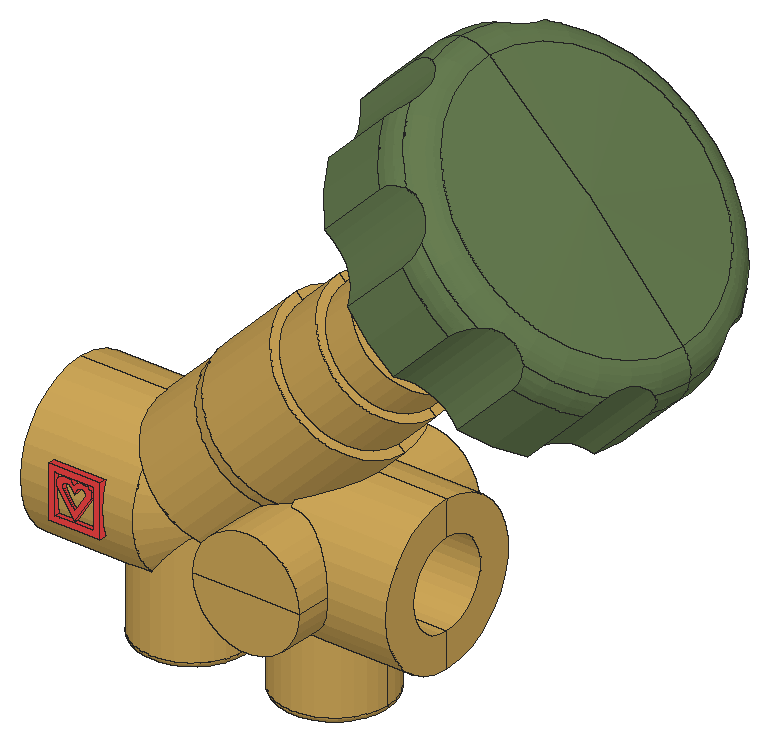
Revit family "Запорный клапан Strömax 4125 AWD", category Rohrzubehör, Revit 2019
Family settings
  Bemaßung runder Anschluss = Durchmesser verwenden
  Teiletyp = Unterbricht
  OmniClass-Nummer = 23.65.55.14
  OmniClass-Titel = Valves for Liquid Services
  Arbeitsebenenbasiert = Nein
  Immer vertikal = Ja
  Beim Laden mit Abzugskörper schneiden = Nein
  Gemeinsam genutzt = Nein
Parameters
  Шпиндель = "Латунь CW617N"  # constant formula
  Уплотнение = "EPDM"  # constant formula
  Примечание = "В соответствии со статьей 33 Регламента REACH (Registration; Evaluation; Authorisation; Restriction of Chemicals) (EC № 1907/2006) мы обязаны указать, что свинец внесен в список SVHC (Substances of Very High Concern - вещества очень высокой важности) и весовой процент свинца во всех латунных компонентах заводского изготовления в наших изделиях, превышает 0,1 % (w/w) (CAS: 7439-92-1 / EINECS: 231-100-4).\r\nПоскольку свинец является легирующим компонентом сплава, прямое негативное влияние исключается, и поэтому дополнительной информации о безопасном использовании не требуется."
  Область применения = "Для перекрытия трубопроводов в системе питьевого водоснабжения в зданиях."
  Номер заказа [instance] = size_lookup("4125AWD_", "Artnr", 0, Nennweite)  # 2412571
  Маховик = "пластик, цвет маховика - зеленый"  # constant formula
  Макс. рабочее давление = 2000000.0 Pa  # constant formula
  Макс. рабочая температура = 80 °C  # constant formula
  Корпус = "литая латунь, устойчивая к селективной цинковой коррозии, CC770S"  # constant formula
  Конус = "латунь, устойчивая к селективной цинковой коррозии, CW626N"  # constant formula
  Букса = "латунь, устойчивая к селективной цинковой коррозии, CW626N"  # constant formula
  W01 = 45.00°  # constant formula
  URL = "www.herz-armaturen.ru"
  Технически возможная область применения = " "  # constant formula
  SW01 = 60.00°  # constant formula
  SC_NennweiteBerechnet = 0
  SC_Dimension = ""
  SCTWSEQ = "FW;SBT_TYP_FW=\"109\";2"
  SCTWCODE = "04;00;02"  # constant formula
  S03 = 60.000 mm  # constant formula
  S02 [instance] = L06 + L09 + L12 + L15  # 77.900 mm
  S01 [instance] = R01 * 2  # 27.000 mm
  R12 [instance] = R01 - 1.000 mm  # 12.500 mm
  R11 [instance] = size_lookup("4125AWD_", "R11", 46.500 mm, Nennweite)  # 5.100 mm
  R100 = 1.000 mm  # constant formula
  R10 [instance] = size_lookup("4125AWD_", "R10", 46.500 mm, Nennweite)  # 8.000 mm
  R09 [instance] = size_lookup("4125AWD_", "R9", 46.500 mm, Nennweite)  # 10.500 mm
  R08 [instance] = size_lookup("4125AWD_", "R8", 46.500 mm, Nennweite)  # 12.000 mm
  R07 [instance] = size_lookup("4125AWD_", "R7", 46.500 mm, Nennweite)  # 13.500 mm
  R06 [instance] = size_lookup("4125AWD_", "R6", 43.000 mm, Nennweite)  # 13.000 mm
  R05 [instance] = Nennweite / 2  # 7.500 mm
  R04 [instance] = size_lookup("4125AWD_", "R4", 11.500 mm, Nennweite)  # 9.500 mm
  R03 = 9.500 mm  # constant formula
  R02 [instance] = Nennweite / 2  # 7.500 mm
  R01 [instance] = size_lookup("4125AWD_", "R1", 11.500 mm, Nennweite)  # 13.500 mm
  Nennweite [instance] = 15.000 mm
  Мин. расход при Dp 10 кПа [instance] = if(Nennweite = 15.000 mm, 0.5 L/s, if(Nennweite = 20.000 mm, 1.0 L/s, if(Nennweite = 25.000 mm, 1.75 L/s, if(Nennweite = 32.000 mm, 3.0 L/s, if(Nennweite = 40.000 mm, 4.0 L/s, if(Nennweite = 50.000 mm, 6.75 L/s, if(Nennweite = 65.000 mm, 11.0 L/s, if(Nennweite = 80.000 mm, 16.0 L/s, 0.0 L/s))))))))  # 0.5 L/s
  Среда = "Питьевая вода"  # constant formula
  Макс. рабочая температура (в рамках ÖVGW-сертификации) = 65 °C  # constant formula
  Макс. перепад давления на закрытом седле = 1000000.0 Pa  # constant formula
  Макс. рабочее давление (в рамках ÖVGW-сертификации) = 1000000.0 Pa  # constant formula
  L16 [instance] = L01 / 2  # 10.000 mm
  L15 [instance] = size_lookup("4125AWD_", "L15", 12.400 mm, Nennweite)  # 12.400 mm
  L14 [instance] = size_lookup("4125AWD_", "L14", 81.000 mm, Nennweite)  # 6.000 mm
  L12 [instance] = size_lookup("4125AWD_", "L12", 81.000 mm, Nennweite)  # 26.000 mm
  L11 [instance] = size_lookup("4125AWD_", "L11", 60.000 mm, Nennweite)  # 6.700 mm
  L10 [instance] = size_lookup("4125AWD_", "L10", 20.000 mm, Nennweite)  # 9.300 mm
  L09 [instance] = size_lookup("4125AWD_", "L9", 11.000 mm, Nennweite)  # 17.000 mm
  L08 [instance] = size_lookup("4125AWD_", "L8", 35.000 mm, Nennweite)  # 20.000 mm
  L07 [instance] = size_lookup("4125AWD_", "L7", 35.000 mm, Nennweite)  # 12.500 mm
  L06 [instance] = size_lookup("4125AWD_", "L6", 118.000 mm, Nennweite) - L09  # 22.500 mm
  L05 [instance] = size_lookup("4125AWD_", "L5", 44.000 mm, Nennweite)  # 20.500 mm
  L04 [instance] = size_lookup("4125AWD_", "L4", 45.000 mm, Nennweite)  # 19.500 mm
  L03 = 15.000 mm  # constant formula
  L02 [instance] = size_lookup("4125AWD_", "L2", 22.000 mm, Nennweite)  # 6.000 mm
  L01 [instance] = size_lookup("4125AWD_", "L1", 48.000 mm, Nennweite)  # 20.000 mm
  L00 [instance] = size_lookup("4125AWD_", "L", 180.000 mm, Nennweite)  # 65.000 mm
  Hersteller = "HERZ Armaturen Ges.m.b.H."  # constant formula
  H01 [instance] = size_lookup("4125AWD_", "H1", 53.000 mm, Nennweite)  # 24.000 mm
  Незапланированные повышения температуры = "до  95 °C, продолжительностью не более 1 часа"  # constant formula
  DN80 [instance] = Nennweite = 80.000 mm  # no
  DN65 [instance] = Nennweite = 65.000 mm  # no
  DN50 [instance] = Nennweite = 50.000 mm  # no
  DN40 [instance] = Nennweite = 40.000 mm  # no
  DN32 [instance] = Nennweite = 32.000 mm  # no
  DN25 [instance] = Nennweite = 25.000 mm  # no
  DN20 [instance] = Nennweite = 20.000 mm  # no
  DN15 [instance] = Nennweite = 15.000 mm  # yes
Reference planes
  plane 1 "Mitte (Vorne/hinten)": y = 0
  plane 2: z = 0
  plane 3 "Mitte (Links/rechts)": x = 0
Forms (mm)
  Revolve 1, solid, material "Messing, weicher Gelbton, geschweißt", detail levels fine
    sketch origin (470, 0, 0) x (1, 0, 0) y (0, 0, 1)
      loop
        line (-502.5, 7.5) -> (-487.5, 7.5) -> (-487.5, 0) -> (-452.5, 0) -> (-452.5, 7.5) -> (-437.5, 7.5) -> (-437.5, 13.5) -> (-457.5, 13.5) -> (-464, 7.5) -> (-476, 7.5) -> (-482.5, 13.5) -> (-502.5, 13.5) -> (-502.5, 7.5)
      axis (-502.5, 0) -> (-437.5, 0)
    angle from 0 to 360
  Revolve 2, solid, material "Messing, weicher Gelbton, geschweißt", detail levels fine
    sketch origin (470, 0, 0) x (1, 0, 0) y (0, 0, 1)
      loop
        line (-492, 0) -> (-492, -23)
        arc (-492, -23) -> (-491.707, -23.707) -> (-491, -24) r 1
        line (-491, -24) -> (-482.5, -24) -> (-482.5, 0) -> (-492, 0)
      axis (-482.5, 0) -> (-482.5, -24)
    angle from 0 to 360
  Revolve 3, solid, material "Messing, weicher Gelbton, geschweißt", detail levels fine
    sketch origin (0, 0, 0) x (1, 0, 0) y (0, 1, 0)
      loop
        line (12.5, -19.5) -> (22, -19.5) -> (22, 20.5) -> (12.5, 20.5) -> (12.5, -19.5)
      axis (12.5, -19.5) -> (12.5, 20.5)
    angle from 0 to 360
  Revolve 4, solid, material "Messing, weicher Gelbton, geschweißt", detail levels fine
    sketch origin (-470, 0, 0) x (-1, 0, 0) y (0, 0, 1)
      loop
        line (-492, 0) -> (-492, -23)
        arc (-492, -23) -> (-491.707, -23.707) -> (-491, -24) r 1
        line (-491, -24) -> (-482.5, -24) -> (-482.5, 0) -> (-492, 0)
      axis (-482.5, 0) -> (-482.5, -24)
    angle from 0 to 360
  Revolve 5, solid, material "Messing, weicher Gelbton, geschweißt", detail levels fine
    sketch origin (0.32, 0, -0.105) x (1, 0, 0) y (0, 0, 1)
      loop
        line (-12.82, 0) -> (42.264, 55.084) -> (38.657, 58.69) -> (29.889, 49.922) -> (27.839, 51.972) -> (20.767, 44.901) -> (19, 46.669) -> (14.262, 41.931) -> (13.201, 42.992) -> (6.625, 36.416) -> (5.565, 37.477) -> (-6.456, 25.456) -> (-7.87, 23.335) -> (-17.77, 13.435) -> (-18.123, 5.303) -> (-12.82, 0)
      axis (-12.82, 0) -> (42.264, 55.084)
    angle from 0 to 360
Lines and regions (mm)
  model lines, detail levels coarse+medium
    curve 1: line (-32.5, 0, 13.5) -> (-32.5, 0, -13.5)
    curve 2: line (-32.5, 0, -13.5) -> (32.5, 0, 13.5)
    curve 3: line (32.5, 0, 13.5) -> (32.5, 0, -13.5)
    curve 4: line (32.5, 0, -13.5) -> (-32.5, 0, 13.5)
    curve 5: line (0, 0, 0) -> (38.95, 0, 67.463)
    curve 6: line (12.969, 0, 82.463) -> (64.931, 0, 52.463)
    curve 7: line (-32.5, -13.5, 0) -> (-32.5, 13.5, 0)
    curve 8: line (-32.5, 13.5, 0) -> (32.5, -13.5, 0)
    curve 9: line (32.5, -13.5, 0) -> (32.5, 13.5, 0)
    curve 10: line (32.5, 13.5, 0) -> (-32.5, -13.5, 0)
    curve 11: line (0, 0, 0) -> (38.95, 67.463, 0)
    curve 12: line (12.969, 82.463, 0) -> (64.931, 52.463, 0)
Dimensions and locks
  "H01": plane 2 to Revolve 2 sketch curve
  "L00": Revolve 1 sketch curve to Revolve 1 sketch curve
  equal spacing: Revolve 1 sketch curve, plane 3 "Mitte (Links/rechts)", Revolve 1 sketch curve
  "R01": Revolve 1 sketch curve to Revolve 1 sketch curve  (x2)
  "R02": Revolve 1 sketch curve to Revolve 1 sketch curve  (x3)
  "L01": Revolve 1 sketch curve to Revolve 1 sketch curve  (x2)
  "L02": plane 3 "Mitte (Links/rechts)" to Revolve 1 sketch curve
  "L02": Revolve 1 sketch curve to plane 3 "Mitte (Links/rechts)"
  "L03": Revolve 1 sketch curve to Revolve 1 sketch curve  (x2)
  "L01": Revolve 1 to Revolve 2 sketch curve
  "R03": Revolve 2 sketch curve to Revolve 2 sketch curve
  "L01": Revolve 4 sketch curve to Revolve 1
  "R03": Revolve 4 sketch curve to Revolve 4 sketch curve
  "H01": plane 2 to Revolve 4 sketch curve
  "L04": Revolve 3 sketch curve to plane 1 "Mitte (Vorne/hinten)"
  "L05": plane 1 "Mitte (Vorne/hinten)" to Revolve 3 sketch curve
  "R04": Revolve 3 sketch curve to Revolve 3 sketch curve
  "L01": Revolve 3 sketch curve to Revolve 1
  "R07": Revolve 5 sketch curve to Revolve 5 sketch curve
  "L07": plane 3 "Mitte (Links/rechts)" to Revolve 5 sketch curve
  "R05": Revolve 5 sketch curve to Revolve 5 sketch curve
  "L06": Revolve 5 sketch curve to Revolve 5 sketch curve
  "L08": Revolve 5 sketch curve to Revolve 5 sketch curve
  "R06": Revolve 5 sketch curve to Revolve 5 sketch curve
  "L14": Revolve 5 sketch curve to Revolve 5 sketch curve
  "L09": Revolve 5 sketch curve to Revolve 5 sketch curve
  "R08": Revolve 5 sketch curve to Revolve 5 sketch curve
  "L10": Revolve 5 sketch curve to Revolve 5 sketch curve
  "R09": Revolve 5 sketch curve to Revolve 5 sketch curve
  "R10": Revolve 5 sketch curve to Revolve 5 sketch curve
  "L12": Revolve 5 sketch curve to Revolve 5 sketch curve
  "R11": Revolve 5 sketch curve to Revolve 5 sketch curve
  "L15": Revolve 5 sketch curve to Revolve 5 sketch curve
  "L11": Revolve 5 sketch curve to Revolve 5 sketch curve
  "R12": nested 9 to plane 1 "Mitte (Vorne/hinten)"
  "L16": Revolve 1 to nested 9
  equal spacing: curve 1, plane 3 "Mitte (Links/rechts)", curve 3
  "L00": curve 1 to curve 3
  equal spacing: curve 4, plane 2, curve 2
  "S01": curve 4 to curve 1
  "S01": curve 3 to curve 4
  equal spacing: curve 3, plane 2, curve 4
  "S02": curve 5 to curve 5
  equal spacing: curve 6, curve 5, curve 6
  "S03": curve 6 to curve 6
  equal spacing: curve 7, plane 3 "Mitte (Links/rechts)", curve 9
  "L00": curve 7 to curve 9
  equal spacing: curve 10, plane 1 "Mitte (Vorne/hinten)", curve 8
  "S01": curve 8 to curve 10
  equal spacing: curve 9, plane 1 "Mitte (Vorne/hinten)", curve 10
  "S01": curve 10 to curve 9
  "S02": curve 11 to curve 11
  equal spacing: curve 12, curve 11, curve 12
  "S03": curve 12 to curve 12
  "R100": radius of Revolve 2 sketch curve
  "R100": radius of Revolve 4 sketch curve
  "W01": angle plane 2 to Revolve 5 sketch curve
  "W01": angle level to Revolve 5 sketch curve
  "SW01": angle plane 2 to curve 5
  "SW01": angle plane 1 "Mitte (Vorne/hinten)" to curve 11
  aligned and locked: level to plane 2
Automatic sketch dimensions
  curve 5 to level = 0.000 mm
  plane 1 "Mitte (Vorne/hinten)" to curve 11 = 0.000 mm
  Revolve 1 sketch curve to level = 0.000 mm  (x2)
  Revolve 1 sketch curve to Revolve 1 sketch curve = 791.990 mm
  Revolve 1 sketch curve to Revolve 1 sketch curve = 2278.983 mm
  Revolve 2 sketch curve to level = 0.000 mm  (x2)
  Revolve 2 sketch curve to Revolve 2 sketch curve = 0.000 mm
  Revolve 2 sketch curve to Revolve 2 sketch curve = 0.292 mm
  Revolve 3 sketch curve to Revolve 3 sketch curve = 0.000 mm  (x3)
  Revolve 4 sketch curve to level = 0.000 mm  (x2)
  Revolve 4 sketch curve to Revolve 4 sketch curve = 0.000 mm
  Revolve 4 sketch curve to Revolve 4 sketch curve = 0.292 mm
  Revolve 5 sketch curve to level = 0.105 mm
  Revolve 5 sketch curve to Revolve 5 sketch curve = 0.000 mm  (x2)
Nested families
  nested 1: "Strömax-Handrad_Schrägsitz (Grün)" at (42.584, 0, 54.979), visible <- "DN15", type "Strömax-Handrad_Schrägsitz (Grün)", detail levels fine
    with Nennweite 0.000 mm, Gewicht 0.00 kg, Bestellnummer 0
  nested 2: "Strömax-Handrad_Schrägsitz (Grün)" at (54.312, 0, 67.707), visible <- "DN20", type "Strömax-Handrad_Schrägsitz (Grün)", detail levels fine
    with Nennweite 0.000 mm, Gewicht 0.00 kg, Bestellnummer 0
  nested 3: "Strömax-Handrad_Schrägsitz (Grün)" at (62.469, 0, 80.364), visible <- "DN25", type "Strömax-Handrad_Schrägsitz (Grün)", detail levels fine
    with Nennweite 0.000 mm, Gewicht 0.00 kg, Bestellnummer 0
  nested 4: "Strömax-Handrad_Schrägsitz (Grün)" at (71.712, 0, 91.607), visible <- "DN32", type "Strömax-Handrad_Schrägsitz (Grün)", detail levels fine
    with Nennweite 0.000 mm, Gewicht 0.00 kg, Bestellnummer 0
  nested 5: "Strömax-Handrad_Schrägsitz (Grün)" at (80.399, 0, 101.294), visible <- "DN40", type "Strömax-Handrad_Schrägsitz (Grün)", detail levels fine
    with Nennweite 0.000 mm, Gewicht 0.00 kg, Bestellnummer 0
  nested 6: "Strömax-Handrad_Schrägsitz (Grün)" at (97.83, 0, 129.225), visible <- "DN50", type "Strömax-Handrad_Schrägsitz (Grün)", detail levels fine
    with Nennweite 0.000 mm, Gewicht 0.00 kg, Bestellnummer 0
  nested 7: "Strömax-Handrad_Schrägsitz (Grün)" at (114.482, 0, 149.378), visible <- "DN65", type "Strömax-Handrad_Schrägsitz (Grün)", detail levels fine
    with Nennweite 0.000 mm, Gewicht 0.00 kg, Bestellnummer 0
  nested 8: "Strömax-Handrad_Schrägsitz (Grün)" at (140.423, 0, 183.319), visible <- "DN80", type "Strömax-Handrad_Schrägsitz (Grün)", detail levels fine
    with Nennweite 0.000 mm, Gewicht 0.00 kg, Bestellnummer 0
  nested 9: "Herz-Logo-vorne" at (-22.5, -13.232, 0) x (0, 1, 0) z (0, 0, 1), type "Herz-Logo-vorne", detail levels fine
Connectors
  piping at (-17.5, 0, 0), diameter 15, driven by "Nennweite"
    settings: on Revolve 1, index 1, connector inside diameter 609.6 mm, connector length 0.000 mm, flow factor 0, pipe flow 0.0 L/s, pressure drop 0.0 Pa, fitting loss kfactor 0, connector angle 0.00°, fixture units 0, engagement length 0.000 mm, angle of deflection 0.00°, flow configuration 0, flow direction 1, fitting loss method 0, system type 29, joint type 0, gender type 0, connector reference index -1, connector utility 0, adjustable connector no, is connector primary yes, connector description ""
  piping at (17.5, 0, 0), diameter 15, driven by "Nennweite"
    settings: on Revolve 1, index 2, connector inside diameter 609.6 mm, connector length 0.000 mm, flow factor 0, pipe flow 0.0 L/s, pressure drop 0.0 Pa, fitting loss kfactor 0, connector angle 0.00°, fixture units 0, engagement length 0.000 mm, angle of deflection 0.00°, flow configuration 0, flow direction 2, fitting loss method 0, system type 29, joint type 0, gender type 0, connector reference index -1, connector utility 0, adjustable connector no, is connector primary no, connector description ""
Definition of nested family "Strömax-Handrad_Schrägsitz (Grün)"
  Parameters (values of type "Strömax-Handrad_Schrägsitz (Grün)")
    URL = "www.herz-armaturen.at"
    Nennweite [instance] = 0.000 mm
    Manufacturer = "Herz Armaturen GmbH"  # constant formula
    Gewicht [instance] = 0.00 kg
    Bestellnummer [instance] = 0
  Reference planes
    plane 1 "Mitte (Vorne/hinten)": y = 0
    plane 2: z = 0
    plane 3 "Mitte (Links/rechts)": x = 0
  Forms (mm)
    Revolve 1, solid
      sketch origin (0, 0, 0) x (0.707107, 0, -0.707107) y (0.707107, 0, 0.707107)
        loop
          line (0, 0) -> (0, 22)
          arc (0, 22) -> (-12.15, 21.705) -> (-24.271, 20.819) r 250
          arc (-24.271, 20.819) -> (-26.831, 19.959) -> (-28.754, 18.063) r 6
          arc (-28.754, 18.063) -> (-29.682, 16.008) -> (-30, 13.776) r 8
          line (-30, 13.776) -> (-30, 0) -> (0, 0)
        axis (0, 22) -> (0, 0)
      angle from 0 to 360
    Extrusion 2, void
      sketch origin (0, 0, 0) x (0.707107, 0, -0.707107) y (0, 1, 0)
        loop
          circle (14.351, -34.645) r 10
      from 0 to 22
    Extrusion 3, void
      sketch origin (0, 0, 0) x (-0.707107, 0, 0.707107) y (0, -1, 0)
        loop
          circle (14.351, 34.645) r 10
      from 0 to 22
    Extrusion 4, void
      sketch origin (0, 0, 0) x (0, -1, 0) y (0.707107, 0, -0.707107)
        loop
          circle (14.351, 34.645) r 10
      from 0 to 22
    Extrusion 5, void
      sketch origin (0, 0, 0) x (0, 1, 0) y (-0.707107, 0, 0.707107)
        loop
          circle (14.351, -34.645) r 10
      from 0 to 22
    Extrusion 6, void
      sketch origin (0, 0, 0) x (0, -1, 0) y (0.707107, 0, -0.707107)
        loop
          circle (14.351, -34.645) r 10
      from 0 to 22
    Extrusion 7, void
      sketch origin (0, 0, 0) x (0, 1, 0) y (-0.707107, 0, 0.707107)
        loop
          circle (14.351, 34.645) r 10
      from 0 to 22
    Extrusion 8, void
      sketch origin (0, 0, 0) x (0.707107, 0, -0.707107) y (0, 1, 0)
        loop
          circle (14.351, 34.645) r 10
      from 0 to 22
    Extrusion 9, void
      sketch origin (0, 0, 0) x (-0.707107, 0, 0.707107) y (0, -1, 0)
        loop
          circle (14.351, -34.645) r 10
      from 0 to 22
  Cuts and joins
    Extrusion 2, Extrusion 3, Extrusion 4, Extrusion 5, Extrusion 6, Extrusion 7, Extrusion 8, Extrusion 9 cuts Revolve 1
  Dimensions and locks
    aligned and locked: level to plane 2
Definition of nested family "Herz-Logo-vorne"
  Reference planes
    plane 1 "Mitte (Vorne/hinten)": y = 0
    plane 2: z = 0
    plane 3 "Mitte (Links/rechts)": x = 0
  Forms (mm)
    Extrusion 1, solid
      sketch origin (0.732, -0.018, 0.017) x (0, -1, 0) y (0, 0, 1)
        loop
          line (-0.018, -4.517) -> (4.482, -4.517) -> (4.482, 4.483) -> (-4.518, 4.483) -> (-4.518, -4.517) -> (-0.018, -4.517)
        loop
          line (-0.05, -3.48) -> (3.482, -3.48) -> (3.482, 3.483) -> (-3.518, 3.483) -> (-3.518, -3.48) -> (-0.05, -3.48)
        loop
          arc (-0.018, 2.383) -> (-1.543, 3.287) -> (-3.067, 2.383) r 1.738
          arc (-3.067, 2.383) -> (-3.191, 1.899) -> (-3.067, 1.415) r 1.009
          line (-3.067, 1.415) -> (-0.018, -3.281) -> (3.032, 1.415)
          arc (3.032, 1.415) -> (3.156, 1.899) -> (3.032, 2.383) r 1.009
          arc (3.032, 2.383) -> (1.507, 3.287) -> (-0.018, 2.383) r 1.738
        loop
          arc (1.885, 1.272) -> (2.005, 1.675) -> (1.885, 2.079) r 0.74
          arc (1.885, 2.079) -> (1.265, 2.416) -> (0.644, 2.079) r 0.74
          line (0.644, 2.079) -> (-0.018, 0.97) -> (-0.679, 2.079)
          arc (-0.679, 2.079) -> (-1.3, 2.416) -> (-1.921, 2.079) r 0.74
          arc (-1.921, 2.079) -> (-2.04, 1.675) -> (-1.921, 1.272) r 0.74
          line (-1.921, 1.272) -> (-0.018, -1.658) -> (1.885, 1.272)
      from 0 to 1.5
  Dimensions and locks
    aligned and locked: level to plane 2
